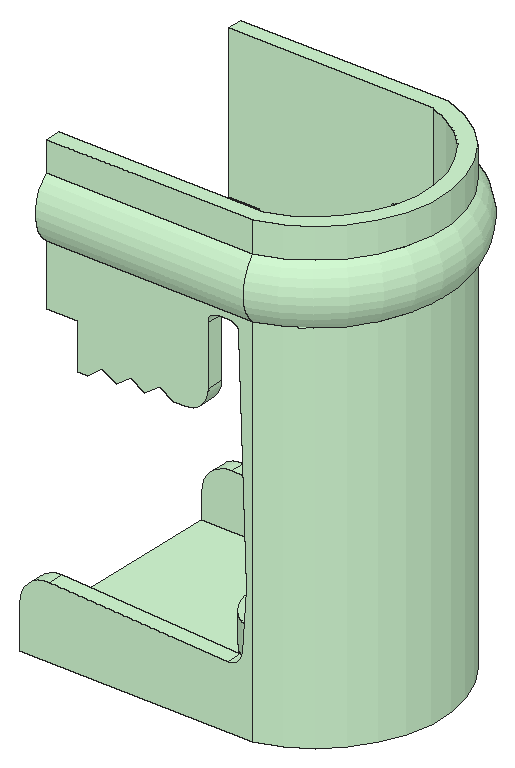
Revit family "hanginglock", category 機械設備, Revit 2022
Family settings
  丸型コネクタ寸法 = 直径を使用
  種別 = なし
  パーツ タイプ = 標準
  作業面ベース = いいえ
  常に垂直 = はい
  ロード時にボイドで切り取り = いいえ
  注釈の向きを維持 = いいえ
  共有 = いいえ
  部屋計算ポイント = いいえ
Parameters
  製造元 = "株式会社桐井製作所"
  既定の高さ = 0 mm
  URL = "https://www.kirii.co.jp/"
  K_許容荷重(N) = 800
  K_品名 = "吊元ロック"
  K_名称 = "吊元金具"
  K_入数 = "400"
  K_バージョン情報 = "20211012"
Reference planes
  plane 1 "中心(正面/背面)": y = 0
  plane 2: z = 0
  plane 3 "中心(左/右)": x = 0
Forms (mm)
  Extrusion 1, void
    sketch origin (1, -1.5, 2.3) x (1, 0, 0) y (0, 0, 1)
      loop
        line (-1, 35.1) -> (-1, 28.938)
        arc (-1, 28.938) -> (-1.732, 27.17) -> (-3.5, 26.438) r 2.5
        line (-3.5, 26.438) -> (-4.553, 26.438) -> (-6.053, 27.33) -> (-7.553, 26.216) -> (-9.053, 27.109) -> (-10.553, 25.995) -> (-12.053, 26.887) -> (-13.553, 25.7) -> (-14.553, 25.7) -> (-14.553, 30.5) -> (-17.753, 30.5) -> (-17.753, 46.2) -> (-20.553, 46.2) -> (-20.553, 2.126)
        arc (-20.553, 2.126) -> (-19.648, 4.273) -> (-17.479, 5.125) r 3
        line (-17.479, 5.125) -> (1.019, 4.24)
        arc (1.019, 4.24) -> (2.063, 4.628) -> (2.552, 5.63) r 1.5
        line (2.552, 5.63) -> (2.997, 11.7) -> (2.2, 35.134)
        arc (2.2, 35.134) -> (1.896, 35.819) -> (1.201, 36.1) r 1
        line (1.201, 36.1) -> (0, 36.1)
        arc (0, 36.1) -> (-0.707, 35.807) -> (-1, 35.1) r 1
    from 9.5 to 11.1
  Extrusion 2, solid
    sketch origin (0, 0, 0) x (1, 0, 0) y (0, 1, 0)
      loop
        circle (0, 0.038) r 5.5
      loop
        circle (0, 0) r 4
    from 0 to 4.992
  Extrusion 3, void
    sketch origin (1, 21.682, 2.3) x (1, 0, 0) y (0, 0, 1)
      loop
        line (-1, 35.1) -> (-1, 28.938)
        arc (-1, 28.938) -> (-1.732, 27.17) -> (-3.5, 26.438) r 2.5
        line (-3.5, 26.438) -> (-4.553, 26.438) -> (-6.053, 27.33) -> (-7.553, 26.216) -> (-9.053, 27.109) -> (-10.553, 25.995) -> (-12.053, 26.887) -> (-13.553, 25.7) -> (-14.553, 25.7) -> (-14.553, 30.5) -> (-17.753, 30.5) -> (-17.753, 46.2) -> (-20.553, 46.2) -> (-20.553, 2.126)
        arc (-20.553, 2.126) -> (-19.648, 4.273) -> (-17.479, 5.125) r 3
        line (-17.479, 5.125) -> (1.019, 4.24)
        arc (1.019, 4.24) -> (2.063, 4.628) -> (2.552, 5.63) r 1.5
        line (2.552, 5.63) -> (2.997, 11.7) -> (2.2, 35.134)
        arc (2.2, 35.134) -> (1.896, 35.819) -> (1.201, 36.1) r 1
        line (1.201, 36.1) -> (0, 36.1)
        arc (0, 36.1) -> (-0.707, 35.807) -> (-1, 35.1) r 1
    from 9.082 to 10.682
  Sweep 4, solid
    path origin (0, 0, 0) x (1, 0, 0) y (0, 1, 0)
      loop
        line (-16.753, -12.6) -> (4.647, -12.6)
        arc (4.647, -12.6) -> (14.147, 0) -> (4.647, 12.6) r 13.106
        line (4.647, 12.6) -> (-16.753, 12.6)
    profile origin (-6.053, 12.6, 0) x (0, -1, 0) y (0, 0, 1)
      loop
        arc (0, 45.376) -> (-1.5, 42.226) -> (0, 39.076) r 4.058
        line (0, 39.076) -> (0, 45.376)
  Extrusion 5, solid
    sketch origin (0, 0, 0) x (1, 0, 0) y (0, 1, 0)
      loop
        line (-19.553, -11) -> (-19.553, -12.6) -> (4.647, -12.6)
        arc (4.647, -12.6) -> (14.147, 0) -> (4.647, 12.6) r 13.106
        line (4.647, 12.6) -> (-19.553, 12.6) -> (-19.553, 11) -> (4.401, 11)
        arc (4.401, 11) -> (12.547, 0) -> (4.401, -11) r 11.5
        line (4.401, -11) -> (-19.553, -11)
    from 0 to 48.5
  Extrusion 6, solid
    sketch origin (0, 0, 0) x (1, 0, 0) y (0, 1, 0)
      loop
        line (-19.553, 11) -> (-19.553, -11) -> (4.401, -11)
        arc (4.401, -11) -> (12.547, 0) -> (4.401, 11) r 11.5
        line (4.401, 11) -> (-19.553, 11)
    from 0 to 1.8
Cuts and joins
  Extrusion 1, Extrusion 3 cuts Extrusion 5
  joined: Extrusion 2, Sweep 4, Extrusion 5, Extrusion 6
Dimensions and locks
  aligned and locked: level to plane 2
